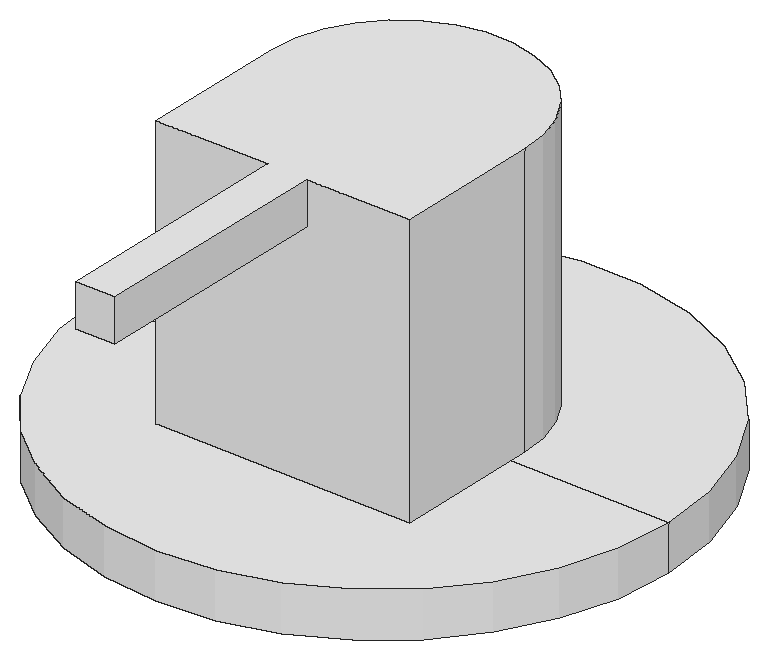
Revit family "Double_Diverter_Trim-Grohe-29227_Series", category Plumbing Fixtures, host Face, Revit 2018
Family settings
  Host = Face
  Round Connector Dimension = Use Diameter
  Part Type = Normal
  OmniClass Number = 23.45.05.14.17
  OmniClass Title = Showers
  Cut with Voids When Loaded = No
  Shared = Yes
  Room Calculation Point = No
Parameters (values of type "29227003")
  Width = 2 3/16"
  Waste Connection = no
  Warranty Information = "Limited lifetime Warranty"  # constant formula
  WFU = 2  # constant formula
  Vent Connection = no
  URL = "https://www.grohe.us/"
  Type Comments = ""
  Product Page URL = "https://www.grohe.us/Bath-Shower-Trim-Kits/2-Way-Diverter-Trim/GROHE-CHROME-29227003"
  Product Documentation Link = "https://americanstandard.box.com/shared/static/16jnz3ssqej8jdho4yq83w434cc7o2uu.pdf"
  Price = "Prices may vary. Please consult Manufacturer Representative for most up-to-date price list."  # constant formula
  Model = "29227003"
  Material = "Metal-Grohe-003-Starlight Chrome"
  Manufacturer = "Grohe"
  Length = 4 1/2"
  Installation Type = "Wall Mounted"  # constant formula
  Height = 4 1/2"
  HWFU = 1.5  # constant formula
  HW Connection = yes
  Flow rate = "1.75 gpm"  # constant formula
  Description = "2-Way Diverter Trim"  # constant formula
  Default Elevation = 0"
  Creation Date = "03/25/2021"  # constant formula
  CWFU = 1.5  # constant formula
  CW Connection = yes
  Body Material = Metal-Grohe-003-Starlight Chrome
  Assembly Code = "D2020300"
Types (3): name | URL | Product Page URL | Model | Material | Body Material
  (no name) | "https://www.grohe.us/" | "https://www.grohe.us/Bath-Shower-Trim-Kits/2-Way-Diverter-Trim/GROHE-CHROME-29227003" | "29227003" | "Metal-Grohe-003-Starlight Chrome" | Metal-Grohe-003-Starlight Chrome
  29227EN3 | "https://www.grohe.ca/" | "https://www.grohe.us/Bath-Shower-Trim-Kits/2-Way-Diverter-Trim/GROHE-BRUSHED-NICKEL-29227EN3" | "29227EN3" | "Metal-Grohe-EN3-Brushed Nickel Infinity Finish" | Metal-Grohe-EN3-Brushed Nickel Infinity Finish
  29227003 | "https://www.grohe.us/" | "https://www.grohe.us/Bath-Shower-Trim-Kits/2-Way-Diverter-Trim/GROHE-CHROME-29227003" | "29227003" | "Metal-Grohe-003-Starlight Chrome" | Metal-Grohe-003-Starlight Chrome
Reference planes (in)
  plane 1 "Center (Front/Back)": y = 0
  plane 2: z = 0
  plane 3 "Center (Left/Right)": x = 0
  plane 4: y = 1.96875
  plane 5: y = -1.96875
  plane 6: y = -2.53125
  plane 7: x = -1.96875
  plane 8: x = 1.96875
  plane 9: z = 0.3125
  plane 10: z = 2.1875
  plane 11: x = -2.53125
  plane 12: z = -2.375
Forms (in)
  Revolve 1, solid, material "Metal-Grohe-003-Starlight Chrome" <- "Body Material"
    sketch origin (0, 0, 0) x (1, 0, 0) y (0, 0, 1)
      loop
        line (0, 0) -> (0, 0.3125) -> (-1.96875, 0.3125) -> (-1.96875, 0) -> (0, 0)
      axis (0, 0) -> (0, 0.3125)
    angle from 0 to 360
  Extrusion 2, solid, material "Metal-Grohe-003-Starlight Chrome" <- "Body Material"
    sketch origin (0, 0, 0) x (1, 0, 0) y (0, 1, 0)
      loop
        line (-0.875, -0.87309) -> (0.875, -0.87309) -> (0.875, 0.12691)
        arc (0.875, 0.12691) -> (0, 1.00191) -> (-0.875, 0.12691) r 0.875
        line (-0.875, 0.12691) -> (-0.875, -0.87309)
    from 0.3125 to 2.1875
  Extrusion 3, solid, material "Metal-Grohe-003-Starlight Chrome" <- "Body Material"
    sketch origin (0, 0, 0) x (1, 0, 0) y (0, 1, 0)
      loop
        line (0.16624, -2.53125) -> (0.16624, -0.87309) -> (-0.10628, -0.87309) -> (-0.10628, -2.53125) -> (0.16624, -2.53125)
    from 1.89782 to 2.1875
Cuts and joins
  joined: Extrusion 2, Extrusion 3
Lines and regions (in)
  Masking region 1
    outline origin (0, 0, 0) x (1, 0, 0) y (0, 0, 1)
      loop
        line (0.875, 2.1875) -> (-0.875, 2.1875) -> (-0.875, 0.3125) -> (-1.96875, 0.3125) -> (-1.96875, 0) -> (1.96875, 0) -> (1.96875, 0.3125) -> (0.875, 0.3125) -> (0.875, 2.1875)
  symbolic lines, detail levels medium+fine
    curve 1: line (0.875, 0, 0.3125) -> (-0.875, 0, 0.3125)
Dimensions and locks (in)
  "Width": host face to plane 10
  "Height": plane 8 to plane 11
  plane 12 to level = 2 3/8"
  aligned and locked: plane 2 to host face
  aligned and locked: level to host face
  aligned and locked: plane 7 to Revolve 1 sketch curve
  aligned and locked: Revolve 1 sketch curve to plane 3 "Center (Left/Right)"
  aligned and locked: level to Revolve 1 sketch curve
  aligned and locked: Extrusion 2 to plane 10
  aligned and locked: plane 9 to Extrusion 2
  aligned and locked: Extrusion 2 to Extrusion 3 sketch curve
Automatic sketch dimensions
  host sketch curve to host sketch curve = 96"  (x2)
  Extrusion 2 sketch curve to plane 3 "Center (Left/Right)" = 0"
  Extrusion 2 sketch curve to plane 3 "Center (Left/Right)" = 7/8"
  plane 1 "Center (Front/Back)" to Extrusion 2 sketch curve = 0.87309"
  Extrusion 2 sketch curve to plane 1 "Center (Front/Back)" = 0.12691"
  plane 6 to Extrusion 3 sketch curve = 0"
  Extrusion 3 sketch curve to plane 3 "Center (Left/Right)" = 0.10628"
  plane 3 "Center (Left/Right)" to Extrusion 3 sketch curve = 0.16624"
  Revolve 1 sketch curve to plane 3 "Center (Left/Right)" = 0"
  Revolve 1 sketch curve to plane 9 = 0"
  Revolve 1 sketch curve to plane 10 = 1 1/4"
  Revolve 1 sketch curve to Revolve 1 sketch curve = 3/4"
  Masking region 1 sketch curve to level = 0"
  Masking region 1 sketch curve to plane 7 = 0"
  Masking region 1 sketch curve to plane 9 = 0"  (x2)
  Masking region 1 sketch curve to plane 10 = 0"
  Masking region 1 sketch curve to plane 8 = 0"
  Masking region 1 sketch curve to plane 3 "Center (Left/Right)" = 7/8"
  plane 3 "Center (Left/Right)" to Masking region 1 sketch curve = 7/8"
  curve 1 to plane 9 = 0"
  curve 1 to plane 3 "Center (Left/Right)" = 7/8"
  plane 3 "Center (Left/Right)" to curve 1 = 7/8"
